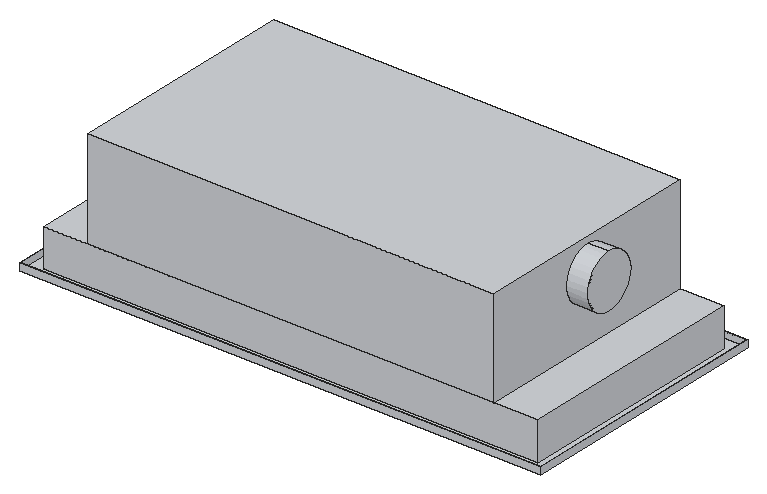
Revit family
Parameters (values of type "MV-2 - 24x48, 5" Round End Inlet")
  URL = "http://www.anemostat.com"
  Plenum Length = 37 5/16"
  Module Length = 48"
  Module Width = 24"
  Model = "MV-2 (End Inlet)"
  Manufacturer = "Anemostat"
  Inlet Size = Duct Size - 1/8"  # 4 7/8"
  Inlet Radius = Inlet Size / 2  # 2 7/16"
  Duct Size = 5"
  Duct Radius = Duct Size / 2  # 2 1/2"
  Diff Length = Module Length - 1/4"  # 47 3/4"
  Diff Width = Module Width - 1/4"  # 23 3/4"
Types (13): name | Plenum Length | Module Length | Module Width | Inlet Size | Inlet Radius | Duct Size | Duct Radius | Diff Length | Diff Width
  (no name) | 37 5/16" | 48" | 24" | 4 7/8" | 2 7/16" | 5" | 2 1/2" | 47 3/4" | 23 3/4"
  MV-2 - 12x48, 6" Round End Inlet | 37 5/16" | 48" | 12" | 5 7/8" | 2 15/16" | 6" | 3" | 47 3/4" | 11 3/4"
  MV-2 - 12x48, 7" Round End Inlet | 37 5/16" | 48" | 12" | 6 7/8" | 3 7/16" | 7" | 3 1/2" | 47 3/4" | 11 3/4"
  MV-2 - 12x48, 8" Round End Inlet | 37 5/16" | 48" | 12" | 7 7/8" | 3 15/16" | 8" | 4" | 47 3/4" | 11 3/4"
  MV-2 - 12x48, 5" Round End Inlet | 37 5/16" | 48" | 12" | 4 7/8" | 2 7/16" | 5" | 2 1/2" | 47 3/4" | 11 3/4"
  MV-2 - 24x24, 5" Round End Inlet | 21 5/16" | 24" | 24" | 4 7/8" | 2 7/16" | 5" | 2 1/2" | 23 3/4" | 23 3/4"
  MV-2 - 24x24, 6" Round End Inlet | 21 5/16" | 24" | 24" | 5 7/8" | 2 15/16" | 6" | 3" | 23 3/4" | 23 3/4"
  MV-2 - 24x24, 7" Round End Inlet | 21 5/16" | 24" | 24" | 6 7/8" | 3 7/16" | 7" | 3 1/2" | 23 3/4" | 23 3/4"
  MV-2 - 24x24, 8" Round End Inlet | 21 5/16" | 24" | 24" | 7 7/8" | 3 15/16" | 8" | 4" | 23 3/4" | 23 3/4"
  MV-2 - 24x48, 5" Round End Inlet | 37 5/16" | 48" | 24" | 4 7/8" | 2 7/16" | 5" | 2 1/2" | 47 3/4" | 23 3/4"
  MV-2 - 24x48, 6" Round End Inlet | 37 5/16" | 48" | 24" | 5 7/8" | 2 15/16" | 6" | 3" | 47 3/4" | 23 3/4"
  MV-2 - 24x48, 7" Round End Inlet | 37 5/16" | 48" | 24" | 6 7/8" | 3 7/16" | 7" | 3 1/2" | 47 3/4" | 23 3/4"
  MV-2 - 24x48, 8" Round End Inlet | 37 5/16" | 48" | 24" | 7 7/8" | 3 15/16" | 8" | 4" | 47 3/4" | 23 3/4"
Reference planes (in)
  plane 1 "Center (Front/Back)": y = 0
  plane 2: z = 0
  plane 3 "Center (Left/Right)": x = 0
  plane 4: x = -23.875
  plane 5: x = 23.875
  plane 6 "Plenum Length Left": x = -18.65625
  plane 7 "Plenum Lenght Right": x = 18.65625
  plane 8: y = -11.875
  plane 9: y = 11.875
  plane 10: y = -10.65625
  plane 11: y = 10.65625
  plane 12: x = -22.65625
  plane 13: x = 22.65625
  plane 14 "Diff Top": z = 3.5
  plane 15: z = 12.5
  plane 16: z = 0.625
  plane 17: z = 9.5625
  plane 18: z = 12
Forms (in)
  Sweep 1, solid
    path origin (0, 0, 0) x (1, 0, 0) y (0, 1, 0)
      loop
        line (-22.65625, 10.65625) -> (-22.65625, -10.65625) -> (22.65625, -10.65625) -> (22.65625, 10.65625) -> (-22.65625, 10.65625)
    profile origin (0, 10.65625, 0) x (0, 1, 0) y (0, 0, 1)
      loop
        line (1.21875, 0.625) -> (1.18575, 0.625) -> (1.18575, 0.033) -> (0, 0.033) -> (0, 0) -> (1.21875, 0) -> (1.21875, 0.625)
  Extrusion 2, solid
    sketch origin (0, 0, 0) x (1, 0, 0) y (0, 1, 0)
      loop
        line (-22.65625, 10.65625) -> (-22.65625, -10.65625) -> (22.65625, -10.65625) -> (22.65625, 10.65625) -> (-22.65625, 10.65625)
    from 0 to 3.5
  Extrusion 3, solid
    sketch origin (0, 0, 3.5) x (-1, 0, 0) y (0, -1, 0)
      loop
        line (18.65625, -10.65625) -> (18.65625, 10.65625) -> (-18.65625, 10.65625) -> (-18.65625, -10.65625) -> (18.65625, -10.65625)
    from 0 to 9
  Extrusion 4, solid
    sketch origin (18.65625, 0, 0) x (0, 0, -1) y (0, -1, 0)
      loop
        circle (-9.5625, 0) r 2.4375
    from 0 to -2
Lines and regions (in)
  reference lines
    curve 1: line (0, 11.842, 1.01883) -> (0, 11.842, -0.73117)
    curve 2: line (0, 11.99172, 0.033) -> (0, -0.50828, 0.033)
    curve 3: line (0, -0.033, 0.90425) -> (0, -0.033, -0.59575)
    curve 4: line (0, 10.91532, 0.592) -> (0, -0.22316, 0.592)
    curve 5: line (0, 10.62325, 3.67775) -> (0, 10.62325, -0.25744)
Dimensions and locks (in)
  "Diff Length": plane 5 to plane 4
  equal spacing: plane 5, plane 3 "Center (Left/Right)", plane 4
  "Diff Width": plane 8 to plane 9
  equal spacing: plane 8, plane 1 "Center (Front/Back)", plane 9
  locked: plane 8 to plane 10 at 1.21875
  locked: plane 11 to plane 9 at 1.21875
  locked: plane 12 to plane 4 at 1.21875
  locked: plane 5 to plane 13 at 1.21875
  "Plenum Length": plane 6 "Plenum Length Left" to plane 7 "Plenum Lenght Right"
  equal spacing: plane 6 "Plenum Length Left", plane 3 "Center (Left/Right)", plane 7 "Plenum Lenght Right"
  locked: plane 15 to plane 18 at 0.5
  "Inlet Radius": plane 18 to plane 17
  "Inlet Radius": radius of Extrusion 4 sketch curve
Automatic sketch dimensions
  level to curve 2 = 0.033"
  plane 1 "Center (Front/Back)" to curve 2 = 0.50828"
  curve 4 to plane 16 = 0.033"
  plane 1 "Center (Front/Back)" to curve 4 = 0.22316"
  plane 1 "Center (Front/Back)" to curve 3 = 0.033"
  curve 5 to plane 11 = 0.033"
  plane 11 to curve 4 = 0.25907"
  plane 9 to curve 1 = 0.033"
  curve 2 to plane 9 = 0.11672"
  curve 5 to level = 0.25744"
  curve 3 to level = 0.59575"
  curve 1 to level = 0.73117"
  plane 16 to curve 3 = 0.27925"
  plane 16 to curve 1 = 0.39383"
  plane 14 "Diff Top" to curve 5 = 0.17775"
  Sweep 1 sketch curve to plane 10 = 0"
  Sweep 1 sketch curve to plane 12 = 0"
  Sweep 1 sketch curve to plane 13 = 0"
  Sweep 1 sketch curve to plane 11 = 0"
  Sweep 1 sketch curve to level = 0"
  Sweep 1 sketch curve to profile plane = 0"
  Sweep 1 sketch curve to profile plane = 1.18575"
  Sweep 1 sketch curve to Sweep 1 sketch curve = 0.033"
  level to Sweep 1 sketch curve = 0.033"
  Sweep 1 sketch curve to Sweep 1 sketch curve = 0.592"
  Extrusion 2 sketch curve to plane 10 = 0"
  Extrusion 2 sketch curve to plane 12 = 0"
  Extrusion 2 sketch curve to plane 13 = 0"
  Extrusion 2 sketch curve to plane 11 = 0"
  Extrusion 3 sketch curve to plane 7 "Plenum Lenght Right" = 0"
  Extrusion 3 sketch curve to plane 6 "Plenum Length Left" = 0"
  Extrusion 3 sketch curve to plane 11 = 0"
  Extrusion 3 sketch curve to plane 10 = 0"
  Extrusion 4 sketch curve to plane 1 "Center (Front/Back)" = 0"
  Extrusion 4 sketch curve to plane 17 = 0"
Connectors (in)
  hvac at (20.65625, 0, 9.5625), driven by "Duct Radius"
    settings: on Extrusion 4, index 1
